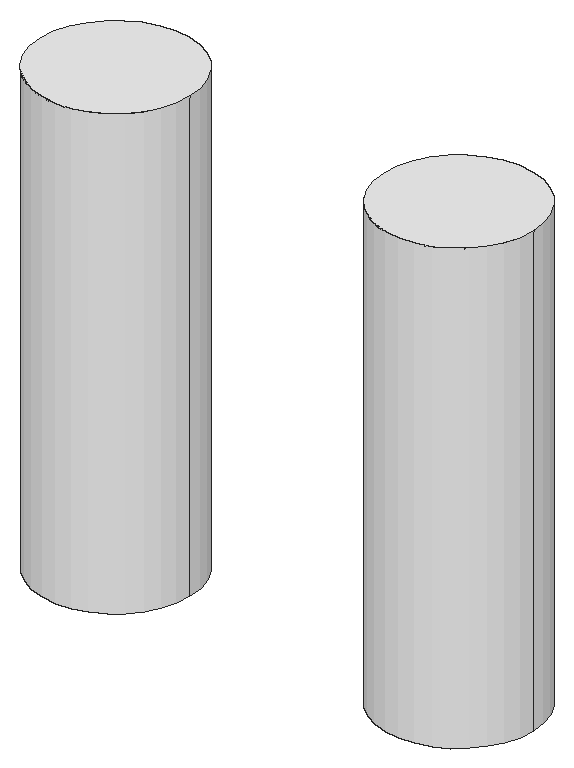
Revit family "93702009(2023)", category Plumbing Fixtures, Revit 2020
Family settings
  Round Connector Dimension = Use Diameter
  Part Type = Normal
  OmniClass Number = 23.45.55.00
  OmniClass Title = Sanitary Faucets, Wastes
  Work Plane-Based = No
  Always vertical = Yes
  Cut with Voids When Loaded = No
  Shared = No
  Room Calculation Point = No
Parameters (values of type "93702009 Washbasin faucet, 230/9 V, Bluetooth")
  Working Pressure = "100 - 1000 kPa"
  WarrantyStartDate [instance] = "n/a"
  WarrantyGuarantorParts = "n/a"
  WarrantyGuarantorLabor = "n/a"
  WarrantyDurationUnit = "Year"
  WarrantyDurationParts = "n/a"
  WarrantyDurationLabor = "n/a"
  WarrantyDescription = "http://warranty.hansa.com"
  Warranty Information URL = "http://warranty.hansa.com"
  VersionDate = "01/06/2023"
  Version = "1"
  ValvePattern = "n/a"
  ValveOperation = "n/a"
  ValveMechanism = "n/a"
  Uniclass2015Reference = "Pr_40_20_87_96"
  Uniclass2015Description = "Washbasin manual water supply sets"
  Uniclass2 = "Pr_40_30_96_96"
  URL WEEE = "http://static.hansa.com/WEEE/93702009"
  URL UWL = "http://static.hansa.com/UWL/93702009"
  URL REACH = "http://static.hansa.com/doc/reach"
  URL EcoLabel Declaration = "http://static.hansa.com/doc/EcoLabel"
  URL EU Packaging Declaration = "http://static.hansa.com/doc/packaging"
  URL Declaration of SCIP = "http://static.hansa.com/doc/SCIP"
  URL Declaration of Conformity = "http://static.hansa.com/DoC/93702009"
  URL Declaration of Asbestos = "http://static.hansa.com/doc/asbestos"
  URL Declaration Of Performance (DOP) = "http://static.hansa.com/doc/DoP"
  URL = ""
  UNSPSC Class Number = "30181700 Faucets or taps"
  Type Comments = ""
  TestPressure = "n/a"
  Temperature Adjustments = "Adjustable hot water stop (included, retrofittable)"
  Technical DataSheet URL = "http://www.hansa.com/datasheet/93702009/en"
  TagNumber [instance] = "n/a"
  SustainabilityPerformance = "n/a"
  Surface treatment = "Chrome"
  Spout Type = "Fixed spout"
  Spout Projection = "124 mm"
  Size = "70x170x190 mm"
  Shape = "Sculptured"
  SerialNumber [instance] = "n/a"
  Sales Package dimensions (LxWxH) = "568 x 182 x 78"
  Revision = "n/a"
  ReplacementCost = "n/a"
  Protection Class = "IP 55 / transformer IP 20"
  ProductInformation = "n/a"
  Product URL = "http://static.hansa.com/93702009"
  Product Image URL = "http://static.hansa.com/image/93702009"
  Product Family = "HANSAELECTRA Digital"
  Product Code = "93702009"
  OperatingMechanismMaterial = "n/a"
  Operating Voltage = 9 V
  Operating Distance = "20-130 mm (110/130/160 mm)"
  NominalWidth = 68.942 mm
  NominalHeight = 190.012 mm
  NominalDepth = 167.912 mm
  Noise Class = "I (ISO 3822) "
  Name_en = "93702009 Washbasin faucet, 230/9 V, Bluetooth"
  Name = "93702009 Washbasin faucet, 230/9 V, Bluetooth"
  NBSReference = "45-35-70/371"
  NBSDescription = "Water supply fittings for wash basins and troughs"
  Mounting Holes = "1 hole"
  ModelReference = "93702009"
  ModelNumber = "n/a"
  Model = "93702009 Washbasin faucet, 230/9 V, Bluetooth"
  Mobile Product Information URL = "http://mpi.hansa.com/93702009"
  Mechanical Parts = "Mixing valve for manual temperature control;Non-return valve(s);Litter filter(s)"
  Max. Hot Water Supply = 70 °C
  Max Flow Period = "2 min (1 - 1800 s)"
  Material = "Brass"
  Market = "International;Germany;Austria;Switzerland;Belgium;Netherlands;Italy"
  ManufacturerURL = "http://www.hansa.com"
  ManufacturerName = "HANSA"
  Manufacturer = "HANSA"
  Long Marketing = "Electra 93 series give you a clean classic design with beautiful round body flowing into round spout design with a clear design line framing the faucet design.\nA Classic design with improved height for any installation.\n\nKey Features\nAerator with Tilt function +/- 10° for more flexible installation\nNewest Sensor technology for better detection and operation comfort\nBluetooth technology for easy adjustment to personalize settings \nAntiscalding protection\nTemperature measurement\nDigital Network Service\nPower Plug"
  Lever Handle = "Temperature control handle"
  Keynote = ""
  InstallationDate [instance] = "n/a"
  Installation Type = "Deck mounted"
  InletConnectionSize = 10 mm
  IfcExportType = "FAUCET"  # constant formula
  IfcExportAs = "IfcValveType"  # constant formula
  Group = "Washbasin faucet"
  Grade = "n/a"
  FlowCoefficient = 0
  Flow Rate At 300kPa With Flow Controller = 0.09 L/s
  Flow Drawing URL = "http://static.hansa.com/flowchart/93702009"
  Finish = "Polished"
  Features = "Touchless;Plug transformer;Bluetooth®"
  FaucetMainMaterial = Brass
  FDV Document URL = "http://www.hansa.com/datasheet/93702009/en/fdv"
  ExpectedLife = "n/a"
  Electronic Parts = ";Power supply;Light indicated function(s)"
  Electrical Connection = "230 / 9 V"
  ETIM Class Number = "EC010340 Electronic tap"
  EN Standard = "EN 15091"
  EMC Directive = "2014/53/EU , 2011/65/EU"
  EAN Number = "4057304019623"
  DurationUnit = "Year"
  Dimension Drawing URL = "http://static.hansa.com/dimdrw/93702009"
  Description = ""
  DefaultElevation [instance] = 900 mm
  Default Elevation = 0 mm
  Constituents = "n/a"
  Connection Size = "G3/8"
  Connection = "Flexible inlet pipes"
  Color = "Chrome"
  CodePerformance = "n/a"
  CloseOffRating = 0
  Catalog Drawing URL = "http://static.hansa.com/catdrw/93702009"
  CO2 Emissions (D) = -9.3
  CO2 Emissions (C4) = 0.35
  CO2 Emissions (C3) = 0.03
  CO2 Emissions (C2) = 0.02
  CO2 Emissions (C1) = 0
  CO2 Emissions (B7) = 430
  CO2 Emissions (A4) = 0.47
  CO2 Emissions (A1-A3) = 12.75
  Brand = "HANSA"
  BodyMaterial = "Brass"
  Bluetooth = "5.x (D060576)"
  Barcode [instance] = "n/a"
  Backflow Prevention EN1717 = "AA"
  BIMObjectName = "93702009(2023)"
  Automatic Flush Period = "30 s (1-1800 s)"
  Automatic Flush Frequency = "off (off/1-120 h)"
  Author = "BIMStone"
  AssetType = "Fixed"
  AssetIdentifier [instance] = "n/a"
  Afterflow Period = "3 s (1-20 s)"
  Aerator = "PCA® - constant flow rate regardless of pressure variations;Adjustable flow angle"
  Advanced Features = "3S-installation system for safe and simple mounting"
  AccessibilityPerformance = "n/a"
  2D/3D/BIM Files URL = "http://static.hansa.com/bim/93702009"
Reference planes
  plane 1 "Center (Front/Back)": y = 0
  plane 2: z = 0
  plane 3 "Center (Left/Right)": x = 0
  plane 4: x = -27.96
  plane 5: z = 900
  plane 6: z = 870
  plane 7: y = -167.912
  plane 8: x = 27.96
  plane 9: z = 1090.012
  plane 10: x = 40.982
Forms (mm)
  Extrusion 1, solid, material "Brass" <- "FaucetMainMaterial"
    sketch origin (0, -2.393, 0) x (1, 0, 0) y (0, 1, 0)
      loop
        circle (-11.5, -22.5) r 5
      loop
        circle (11.5, -22.5) r 5
    from 870 to 900
Dimensions and locks
  "DefaultElevation": plane 5 to level
  locked: plane 5 to plane 6 at 30
  "NominalDepth": plane 7 to plane 1 "Center (Front/Back)"
  equal spacing: plane 4, plane 3 "Center (Left/Right)", plane 8
  "NominalHeight": plane 9 to plane 5
  locked: plane 8 to plane 10 at 13.022
  "NominalWidth": plane 4 to plane 10
  "InletConnectionSize": diameter of Extrusion 1 sketch curve  (x2)
  aligned and locked: level to plane 2
  aligned and locked: plane 5 to Extrusion 1
  aligned and locked: Extrusion 1 to plane 6
  aligned and locked: plane 1 "Center (Front/Back)" to nested 2
  aligned and locked: plane 3 "Center (Left/Right)" to nested 2
  aligned and locked: plane 3 "Center (Left/Right)" to nested 1
  aligned and locked: plane 1 "Center (Front/Back)" to nested 1
  aligned and locked: plane 5 to nested 2
Automatic sketch dimensions
  Extrusion 1 sketch curve to plane 3 "Center (Left/Right)" = 11.5 mm
  plane 3 "Center (Left/Right)" to Extrusion 1 sketch curve = 11.5 mm
  plane 1 "Center (Front/Back)" to Extrusion 1 sketch curve = 24.893 mm
  Extrusion 1 sketch curve to Extrusion 1 sketch curve = 0 mm
Nested families
  nested 1: "Symbol" at (0, 0, 0), type "Symbol", detail levels coarse
  nested 2: "93702009(2023)_Body" at (0, 0, 900), Material <- "FaucetMainMaterial", type "93702009(2023)_Body"
    with Material Brass
Connectors
  piping at (-11.5, -24.893, 870), diameter 10, driven by "InletConnectionSize"
    settings: on Extrusion 1, index 1, connector inside diameter 609.6 mm, connector length 0 mm, flow factor 0, pipe flow 0.2 L/s, pressure drop 0.0 Pa, fitting loss kfactor 0, connector angle 0.00°, fixture units 0, engagement length 0 mm, angle of deflection 0.00°, flow configuration 1, flow direction 1, fitting loss method 0, system type 19, joint type 0, gender type 0, connector reference index -1, connector utility 0, adjustable connector no, is connector primary yes, connector description ""
  piping at (11.5, -24.893, 870), diameter 10, driven by "InletConnectionSize"
    settings: on Extrusion 1, index 2, connector inside diameter 609.6 mm, connector length 0 mm, flow factor 0, pipe flow 0.2 L/s, pressure drop 0.0 Pa, fitting loss kfactor 0, connector angle 0.00°, fixture units 0, engagement length 0 mm, angle of deflection 0.00°, flow configuration 1, flow direction 1, fitting loss method 0, system type 20, joint type 0, gender type 0, connector reference index -1, connector utility 0, adjustable connector no, is connector primary no, connector description ""
Definition of nested family "Symbol"
  Reference planes
    plane 1: y = 0
    plane 2: x = 0
  Lines and regions (mm)
    detail lines
      curve 1: line (0, 0, 0) -> (0, -1.8, 0)
      curve 2: line (-0.4, -1.1, 0) -> (0.4, -1.1, 0)
      curve 3: line (-0.4, -1.4, 0) -> (0.4, -1.4, 0)
      curve 4: line (0.863, 0, 0) -> (-0.863, 0, 0)
      curve 5: circle (-1.163, 0, 0) r 0.3 normal (0, 0, -1)
      curve 6: circle (1.163, 0, 0) r 0.3 normal (0, 0, 1)
